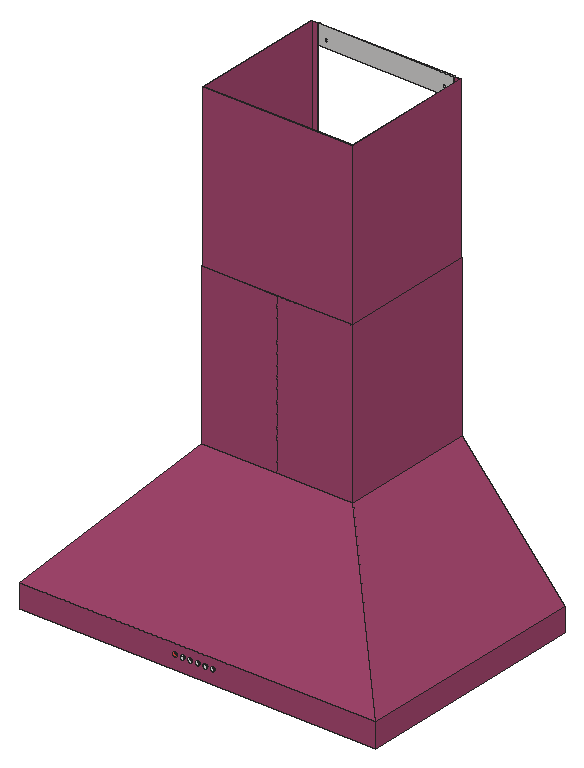
Revit family "FP_Revit_18_HC30PCR1_Rangehood_90001876A", category Specialty Equipment, Revit 2018
Family settings
  Round Connector Dimension = Use Diameter
  Part Type = Normal
  OmniClass Number = 23.40.40.00
  OmniClass Title = Food Service Equipment and Furnishings
  Work Plane-Based = No
  Always vertical = Yes
  Cut with Voids When Loaded = Yes
  Shared = No
  Room Calculation Point = No
Parameters (values of type "HC30PCR1")
  Visibility - Upper Chimney Extension [instance] = yes
  URL = "www.fisherpaykel.com"
  Product - Width = 755 mm  # constant formula
  Product - Height (636mm - 975mm) Ducted [instance] = 975 mm
  Product - Depth = 500 mm  # constant formula
  Model = "HC30PCR1"
  Material - COLOUR CHANGE = Fisher & Paykel - Red
  Material - Buttons and Dials = Fisher & Paykel - Steel, Chrome Plated
  Material - Body = Fisher & Paykel - Stainless Steel
  Manufacturer = "Fisher & Paykel Appliances"
  FFL Offset [instance] = 1565 mm
  Description = "30\" Rangehood"
  Connector Description - Extraction = "6” (152 mm) diameter, rigid or semi-rigid ducting, 600 CFM"
  Connector Description - Electrical = "120 V, 60 Hz"
  Chassis - Width = 320 mm  # constant formula
  Chassis - Height = 298 mm  # constant formula
  Chassis - Depth = 290 mm  # constant formula
Types (5, lengths in mm): name | Model | Material - COLOUR CHANGE
  (no name) | "HC30PCR1" | Fisher & Paykel - Red
  HC30PCB1 | "HC30PCB1" | Fisher & Paykel - Black
  HC30PCR1 | "HC30PCR1" | Fisher & Paykel - Red
  HC30PCX1 | "HC30PCX1" | Fisher & Paykel - Stainless Steel
  HC30PCW1 | "HC30PCW1" | Fisher & Paykel - White
Reference planes
  plane 1 "Datum": y = 0
  plane 2: z = 0
  plane 3 "Center (Left/Right)": x = 0
  plane 4 "Product - Height": z = 2540
  plane 5 "Product LHS": x = -377.5
  plane 6 "Product RHS": x = 377.5
  plane 7 "Product - Depth": y = -500
  plane 8 "Cavity LHS": x = -160
  plane 9 "Cavity RHS": x = 160
  plane 10 "Chassis - Depth": y = -290
  plane 11 "FFL Offset": z = 1565
  plane 12 "Chassis - Height": z = 1863
Forms (mm)
  Extrusion 1, solid, material "Fisher & Paykel - Red" <- "Material - COLOUR CHANGE"
    sketch origin (0, 0, 0) x (1, 0, 0) y (0, 1, 0)
      loop
        line (-145, 0) -> (-160, 0) -> (-160, -290) -> (0, -290) -> (160, -290) -> (160, 0) -> (145, 0) -> (145, -1) -> (159, -1) -> (159, -289) -> (-159, -289) -> (-159, -1) -> (-145, -1) -> (-145, 0)
    from 1863 to 2200
  Extrusion 2, solid, material "Fisher & Paykel - Red" <- "Material - COLOUR CHANGE", visible <- "Visibility - Upper Chimney Extension"
    sketch origin (0, 0, 0) x (1, 0, 0) y (0, 1, 0)
      loop
        line (-158, -2) -> (-145, -2) -> (-145, -1) -> (-159, -1) -> (-159, -289) -> (159, -289) -> (159, -1) -> (145, -1) -> (145, -2) -> (158, -2) -> (158, -288.044) -> (-158, -288.044) -> (-158, -2)
    from 2190 to 2540
  Extrusion 3, solid, material "Fisher & Paykel - Stainless Steel" <- "Material - Body"
    sketch origin (0, 0, 0) x (1, 0, 0) y (0, 1, 0)
      loop
        circle (0, -87.6) r 75
      loop
        circle (0, -87.6) r 74
    from 1850 to 1897.007
  Extrusion 4, solid, material "Fisher & Paykel - Stainless Steel" <- "Material - Body", visible <- "Visibility - Upper Chimney Extension"
    sketch origin (0, 0, 7) x (1, 0, 0) y (0, 0, 1)
      loop
        line (-145, 2491.596) -> (145, 2491.596) -> (145, 2533) -> (-145, 2533) -> (-145, 2491.596)
      loop
        circle (125, 2508) r 2.5
      loop
        circle (-125, 2508) r 2.5
    from 0 to 2
  Extrusion 5, solid, material "Fisher & Paykel - Steel, Chrome Plated" <- "Material - Buttons and Dials", detail levels fine
    sketch origin (0, 0, 565) x (1, 0, 0) y (0, 0, 1)
      loop
        circle (-32, 1029.1) r 3.958
      loop
        circle (-16, 1029.1) r 3.958
      loop
        circle (0, 1029.1) r 3.958
      loop
        circle (16, 1029.1) r 3.958
      loop
        circle (32, 1029.1) r 3.958
    from 501 to 500
  Extrusion 6, void
    sketch origin (0, 0, 0) x (1, 0, 0) y (0, 1, 0)
      loop
        line (-285.2, -479.9) -> (285.2, -479.9) -> (285.2, -89.9) -> (-285.2, -89.9) -> (-285.2, -479.9)
      loop
        circle (-207.5, -42) r 25
      loop
        circle (207.5, -42) r 25
    from 1565 to 1574
  Extrusion 7, solid, material "Fisher & Paykel - Stainless Steel" <- "Material - Body", detail levels fine
    sketch origin (0, 0, 0) x (1, 0, 0) y (0, 1, 0)
      loop
        line (0.5, -89.9) -> (0.5, -479.9) -> (285.2, -479.9) -> (285.2, -89.9) -> (0.5, -89.9)
      loop
        line (275.525, -469.9) -> (275.525, -99.9) -> (10.175, -99.9) -> (10.175, -469.9) -> (110.35, -469.9) -> (110.35, -409.9) -> (175.35, -409.9) -> (175.35, -469.9) -> (275.525, -469.9)
      loop
        line (127.25, -428.3) -> (127.25, -468.3) -> (158.45, -468.3) -> (158.45, -428.3) -> (127.25, -428.3)
      loop
        line (132.45, -433.5) -> (132.45, -463.1) -> (153.25, -463.1) -> (153.25, -433.5) -> (132.45, -433.5)
      loop
        line (132.65, -442.6) -> (132.65, -462.9) -> (153.05, -462.9) -> (153.05, -442.6) -> (132.65, -442.6)
      loop
        line (126.25, -427.3) -> (126.25, -469.3) -> (159.45, -469.3) -> (159.45, -427.3) -> (126.25, -427.3)
      loop
        line (-0.5, -89.9) -> (-285.2, -89.9) -> (-285.2, -479.9) -> (-0.5, -479.9) -> (-0.5, -89.9)
      loop
        line (-275.525, -469.9) -> (-175.35, -469.9) -> (-175.35, -409.9) -> (-110.35, -409.9) -> (-110.35, -469.9) -> (-10.175, -469.9) -> (-10.175, -99.9) -> (-275.525, -99.9) -> (-275.525, -469.9)
      loop
        line (-127.25, -428.3) -> (-158.45, -428.3) -> (-158.45, -468.3) -> (-127.25, -468.3) -> (-127.25, -428.3)
      loop
        line (-132.45, -433.5) -> (-153.25, -433.5) -> (-153.25, -463.1) -> (-132.45, -463.1) -> (-132.45, -433.5)
      loop
        line (-132.65, -442.6) -> (-153.05, -442.6) -> (-153.05, -462.9) -> (-132.65, -462.9) -> (-132.65, -442.6)
      loop
        line (-126.25, -427.3) -> (-159.45, -427.3) -> (-159.45, -469.3) -> (-126.25, -469.3) -> (-126.25, -427.3)
    from 1566 to 1574
  Extrusion 8, solid, material "Fisher & Paykel - Aluminium", detail levels medium+fine
    sketch origin (0, 0, 0) x (1, 0, 0) y (0, 1, 0)
      loop
        line (10.175, -99.9) -> (10.175, -469.9) -> (110.35, -469.9) -> (110.35, -409.9) -> (175.35, -409.9) -> (175.35, -469.9) -> (275.525, -469.9) -> (275.525, -99.9) -> (10.175, -99.9)
      loop
        line (-10.175, -99.9) -> (-275.525, -99.9) -> (-275.525, -469.9) -> (-175.35, -469.9) -> (-175.35, -409.9) -> (-110.35, -409.9) -> (-110.35, -469.9) -> (-10.175, -469.9) -> (-10.175, -99.9)
    from 1566 to 1574
  Extrusion 9, void
    sketch origin (0, 0, 0) x (1, 0, 0) y (0, 0, 1)
      loop
        line (-377.5, 1863) -> (-377.5, 1615) -> (-160, 1863) -> (-377.5, 1863)
      loop
        line (377.5, 1863) -> (160, 1863) -> (377.5, 1615) -> (377.5, 1863)
    from 0 to 500
  Extrusion 10, solid, material "Fisher & Paykel - Red" <- "Material - COLOUR CHANGE"
    sketch origin (0, 0, 0) x (0, 1, 0) y (0, 0, 1)
      loop
        line (-500, 1565) -> (0, 1565) -> (0, 1863) -> (-290, 1863) -> (-500, 1615) -> (-500, 1565)
    from -377.5 to 377.5
  Extrusion 11, solid, material "Fisher & Paykel - Stainless Steel" <- "Material - Body", detail levels medium+fine
    sketch origin (0, 0, 0) x (1, 0, 0) y (0, 1, 0)
      loop
        circle (90.933, -33) r 3
    from 1897.007 to 1850
  Extrusion 12, solid, material "Fisher & Paykel - Steel, Chrome Plated" <- "Material - Buttons and Dials", detail levels medium+fine
    sketch origin (0, 0, 0) x (1, 0, 0) y (0, 1, 0)
      loop
        circle (-207.5, -42) r 25
      loop
        circle (-207.5, -42) r 22
      loop
        circle (207.5, -42) r 25
      loop
        circle (207.5, -42) r 22
    from 1565 to 1574
  Extrusion 13, solid, material "Fisher & Paykel - White Bezel", detail levels fine
    sketch origin (0, 0, 0) x (1, 0, 0) y (0, 1, 0)
      loop
        circle (-207.5, -42) r 22
      loop
        circle (207.5, -42) r 22
    from 1565 to 1574
  Extrusion 14, void
    sketch origin (0, 0, 0) x (1, 0, 0) y (0, 0, 1)
      loop
        circle (254, 1612) r 2.5
      loop
        circle (125, 1859) r 2.5
      loop
        circle (-254, 1610) r 2.5
      loop
        circle (-125, 1859) r 2.5
    from 0 to 7
  Extrusion 15, solid, material "Fisher & Paykel - Stainless Steel" <- "Material - Body"
    sketch origin (0, 0, 0) x (1, 0, 0) y (0, 0, 1)
      loop
        line (-145, 2183) -> (-145, 2143) -> (145, 2143) -> (145, 2183) -> (-145, 2183)
      loop
        circle (125, 2161) r 2.5
      loop
        circle (-125, 2161) r 2.5
    from 0 to 2
  Extrusion 16, void
    sketch origin (0, 0, 0) x (1, 0, 0) y (0, 1, 0)
      loop
        line (-159, -289) -> (159, -289) -> (159, -2) -> (-159, -2) -> (-159, -289)
    from 1850 to 1863
  Extrusion 17, solid, material "Fisher & Paykel - Bezel Red", detail levels fine
    sketch origin (0, 0, 0) x (1, 0, 0) y (0, 0, 1)
      loop
        circle (-48, 1594.1) r 4.044
    from 500 to 501
Cuts and joins
  Extrusion 6, Extrusion 9, Extrusion 14, Extrusion 16 cuts Extrusion 10
  joined: Extrusion 1, Extrusion 10
  Extrusion 14 cuts Extrusion 4
  Extrusion 14 cuts Extrusion 15
Text (mm)
  text "Due to ongoing product development, product details are subject to change without notice. \nPlease always refer to www.fisherpaykel.com for the most current product information. \n© Fisher & Paykel 2020" at (41.04, -1225.549, 0), in view "Ref. Level (Plan)"
Dimensions and locks
  equal spacing: plane 5 "Product LHS", plane 3 "Center (Left/Right)", plane 6 "Product RHS"
  equal spacing: plane 8 "Cavity LHS", plane 3 "Center (Left/Right)", plane 9 "Cavity RHS"
  "Chassis - Width": plane 8 "Cavity LHS" to plane 9 "Cavity RHS"
  locked: Extrusion 1 sketch curve to Extrusion 1 sketch curve at 1  (x3)
  "FFL Offset": plane 11 "FFL Offset" to level
  "Product - Height (636mm - 975mm) Ducted": plane 4 "Product - Height" to plane 11 "FFL Offset"
  locked: Extrusion 8 to plane 11 "FFL Offset" at 9
  locked: Extrusion 7 to plane 11 "FFL Offset" at 1
  locked: Extrusion 1 to plane 11 "FFL Offset" at 635
  "Chassis - Depth": plane 10 "Chassis - Depth" to plane 1 "Datum"
  "Product - Width": plane 5 "Product LHS" to plane 6 "Product RHS"
  "Product - Depth": plane 1 "Datum" to plane 7 "Product - Depth"
  "Chassis - Height": plane 12 "Chassis - Height" to plane 11 "FFL Offset"
  locked: plane 11 "FFL Offset" to Extrusion 14 sketch curve at 294
  locked: plane 4 "Product - Height" to Extrusion 2 at 350
  locked: Extrusion 3 to plane 11 "FFL Offset" at 332.007
  locked: plane 11 "FFL Offset" to cut or joined group of Extrusion 1, Extrusion 6, Extrusion 9, Extrusion 10, Extrusion 14, Extrusion 16 at 285
  locked: plane 11 "FFL Offset" to cut or joined group of Extrusion 14, Extrusion 15 at 596
  locked: plane 11 "FFL Offset" to cut or joined group of Extrusion 14, Extrusion 15 at 618
  locked: plane 11 "FFL Offset" to cut or joined group of Extrusion 14, Extrusion 15 at 578
  cut or joined group of Extrusion 4, Extrusion 14 to plane 4 "Product - Height" = 41.404 mm
  locked: cut or joined group of Extrusion 4, Extrusion 14 to plane 4 "Product - Height" at 25
  locked: plane 11 "FFL Offset" to cut or joined group of Extrusion 1, Extrusion 6, Extrusion 9, Extrusion 10, Extrusion 14, Extrusion 16 at 294
  locked: plane 11 "FFL Offset" to Extrusion 14 sketch curve at 47
  locked: plane 11 "FFL Offset" to cut or joined group of Extrusion 1, Extrusion 6, Extrusion 9, Extrusion 10, Extrusion 14, Extrusion 16 at 47
  locked: Extrusion 7 sketch curve to plane 3 "Center (Left/Right)" at 285.2
  locked: plane 3 "Center (Left/Right)" to Extrusion 7 sketch curve at 285.2
  aligned and locked: level to plane 2
  aligned and locked: Extrusion 1 sketch curve to plane 8 "Cavity LHS"
  aligned and locked: plane 9 "Cavity RHS" to Extrusion 1 sketch curve
  aligned and locked: plane 10 "Chassis - Depth" to Extrusion 1 sketch curve
  aligned and locked: plane 4 "Product - Height" to Extrusion 2
  aligned and locked: Extrusion 10 to plane 6 "Product RHS"
  aligned and locked: plane 5 "Product LHS" to Extrusion 10
  aligned and locked: Extrusion 7 to Extrusion 8  (x2)
  aligned and locked: Extrusion 6 to Extrusion 7
  aligned and locked: cut or joined group of Extrusion 1, Extrusion 6, Extrusion 9, Extrusion 10, Extrusion 14, Extrusion 16 to plane 11 "FFL Offset"
  aligned and locked: Extrusion 12 to Extrusion 7
  aligned and locked: Extrusion 13 to Extrusion 7
  aligned and locked: Extrusion 13 to plane 11 "FFL Offset"
  aligned and locked: Extrusion 12 to plane 11 "FFL Offset"
  aligned and locked: plane 4 "Product - Height" to Extrusion 4
  aligned and locked: Extrusion 1 to plane 12 "Chassis - Height"
  aligned and locked: plane 7 "Product - Depth" to Extrusion 5
  aligned and locked: plane 7 "Product - Depth" to Extrusion 17
  aligned and locked: Extrusion 16 to Extrusion 1
  aligned and locked: cut or joined group of Extrusion 1, Extrusion 6, Extrusion 9, Extrusion 10, Extrusion 14, Extrusion 16 to Extrusion 3
  aligned and locked: Extrusion 3 to Extrusion 11
  aligned and locked: cut or joined group of Extrusion 1, Extrusion 6, Extrusion 9, Extrusion 10, Extrusion 14, Extrusion 16 to Extrusion 11
  aligned and locked: cut or joined group of Extrusion 4, Extrusion 14 to Extrusion 2
  aligned and locked: cut or joined group of Extrusion 14, Extrusion 15 to Extrusion 2
  aligned and locked: Extrusion 8 sketch curve to Extrusion 7  (x2)
Automatic sketch dimensions
  Extrusion 2 sketch curve to plane 8 "Cavity LHS" = 1 mm
  Extrusion 2 sketch curve to Extrusion 2 sketch curve = 1 mm
  plane 1 "Datum" to Extrusion 2 sketch curve = 2 mm  (x2)
  Extrusion 2 sketch curve to Extrusion 2 sketch curve = 13 mm
  plane 9 "Cavity RHS" to Extrusion 2 sketch curve = 15 mm
  plane 9 "Cavity RHS" to Extrusion 2 sketch curve = 2 mm
  plane 9 "Cavity RHS" to Extrusion 2 sketch curve = 1 mm
  plane 10 "Chassis - Depth" to Extrusion 2 sketch curve = 1.956 mm
  plane 10 "Chassis - Depth" to Extrusion 2 sketch curve = 1 mm
  plane 1 "Datum" to Extrusion 2 sketch curve = 1 mm  (x2)
  Extrusion 4 sketch curve to plane 4 "Product - Height" = 0 mm
  Extrusion 4 sketch curve to plane 8 "Cavity LHS" = 15 mm
  Extrusion 4 sketch curve to plane 8 "Cavity LHS" = 35 mm
  plane 9 "Cavity RHS" to Extrusion 4 sketch curve = 35 mm
  plane 9 "Cavity RHS" to Extrusion 4 sketch curve = 15 mm
  Extrusion 4 sketch curve to plane 4 "Product - Height" = 25 mm  (x2)
  Extrusion 4 sketch curve to Extrusion 4 sketch curve = 16.404 mm
  Extrusion 6 sketch curve to plane 5 "Product LHS" = 92.3 mm
  plane 8 "Cavity LHS" to Extrusion 6 sketch curve = 47.5 mm
  plane 6 "Product RHS" to Extrusion 6 sketch curve = 92.3 mm
  plane 7 "Product - Depth" to Extrusion 6 sketch curve = 20.1 mm
  plane 1 "Datum" to Extrusion 6 sketch curve = 89.9 mm
  plane 1 "Datum" to Extrusion 6 sketch curve = 42 mm  (x2)
  plane 9 "Cavity RHS" to Extrusion 11 sketch curve = 69.067 mm
  plane 10 "Chassis - Depth" to Extrusion 11 sketch curve = 257 mm
  Extrusion 12 sketch curve to Extrusion 12 sketch curve = 0 mm  (x4)
  plane 8 "Cavity LHS" to Extrusion 12 sketch curve = 47.5 mm
  Extrusion 12 sketch curve to plane 9 "Cavity RHS" = 47.5 mm
  plane 1 "Datum" to Extrusion 12 sketch curve = 42 mm  (x2)
  plane 8 "Cavity LHS" to Extrusion 13 sketch curve = 47.5 mm
  Extrusion 13 sketch curve to plane 9 "Cavity RHS" = 47.5 mm
  plane 1 "Datum" to Extrusion 13 sketch curve = 42 mm  (x2)
  plane 11 "FFL Offset" to Extrusion 14 sketch curve = 45 mm
  plane 8 "Cavity LHS" to Extrusion 14 sketch curve = 94 mm
  Extrusion 14 sketch curve to plane 12 "Chassis - Height" = 4 mm
  Extrusion 14 sketch curve to plane 8 "Cavity LHS" = 35 mm
  plane 9 "Cavity RHS" to Extrusion 14 sketch curve = 35 mm
  Extrusion 14 sketch curve to plane 9 "Cavity RHS" = 94 mm
  Extrusion 15 sketch curve to plane 8 "Cavity LHS" = 15 mm
  Extrusion 15 sketch curve to plane 8 "Cavity LHS" = 35 mm
  plane 9 "Cavity RHS" to Extrusion 15 sketch curve = 35 mm
  plane 9 "Cavity RHS" to Extrusion 15 sketch curve = 15 mm
  plane 12 "Chassis - Height" to Extrusion 15 sketch curve = 280 mm
  Extrusion 15 sketch curve to Extrusion 15 sketch curve = 18 mm  (x2)
  Extrusion 15 sketch curve to Extrusion 15 sketch curve = 22 mm
  plane 1 "Datum" to Extrusion 1 sketch curve = 0 mm  (x2)
  Extrusion 1 sketch curve to plane 3 "Center (Left/Right)" = 0 mm
  plane 1 "Datum" to Extrusion 1 sketch curve = 1 mm  (x2)
  Extrusion 1 sketch curve to Extrusion 1 sketch curve = 14 mm  (x2)
  Extrusion 10 sketch curve to plane 7 "Product - Depth" = 0 mm
  Extrusion 10 sketch curve to plane 12 "Chassis - Height" = 0 mm
  Extrusion 10 sketch curve to plane 10 "Chassis - Depth" = 0 mm
  Extrusion 10 sketch curve to plane 1 "Datum" = 0 mm
  Extrusion 10 sketch curve to plane 11 "FFL Offset" = 0 mm
  Extrusion 10 sketch curve to Extrusion 10 sketch curve = 50 mm
  plane 5 "Product LHS" to Extrusion 9 sketch curve = 0 mm
  plane 8 "Cavity LHS" to Extrusion 9 sketch curve = 0 mm
  plane 9 "Cavity RHS" to Extrusion 9 sketch curve = 0 mm
  plane 6 "Product RHS" to Extrusion 9 sketch curve = 0 mm
  Extrusion 9 sketch curve to plane 12 "Chassis - Height" = 0 mm  (x2)
  plane 11 "FFL Offset" to Extrusion 9 sketch curve = 50 mm  (x2)
  Extrusion 5 sketch curve to plane 3 "Center (Left/Right)" = 0 mm
  Extrusion 5 sketch curve to plane 3 "Center (Left/Right)" = 16 mm
  Extrusion 5 sketch curve to Extrusion 5 sketch curve = 16 mm  (x3)
  plane 11 "FFL Offset" to Extrusion 5 sketch curve = 29.1 mm
  Extrusion 5 sketch curve to Extrusion 5 sketch curve = 0 mm  (x4)
  Extrusion 17 sketch curve to plane 3 "Center (Left/Right)" = 48 mm
  plane 11 "FFL Offset" to Extrusion 17 sketch curve = 29.1 mm
  Extrusion 3 sketch curve to Extrusion 3 sketch curve = 0 mm  (x2)
  plane 1 "Datum" to Extrusion 3 sketch curve = 87.6 mm
  plane 6 "Product RHS" to Extrusion 3 sketch curve = 377.5 mm
  plane 1 "Datum" to Extrusion 16 sketch curve = 2 mm
  Extrusion 16 sketch curve to plane 8 "Cavity LHS" = 1 mm
  plane 9 "Cavity RHS" to Extrusion 16 sketch curve = 1 mm
  plane 10 "Chassis - Depth" to Extrusion 16 sketch curve = 1 mm
  plane 7 "Product - Depth" to Extrusion 7 sketch curve = 20.1 mm
  Extrusion 7 sketch curve to Extrusion 7 sketch curve = 9.675 mm  (x2)
  plane 8 "Cavity LHS" to Extrusion 7 sketch curve = 15.35 mm
  Extrusion 7 sketch curve to plane 8 "Cavity LHS" = 0.55 mm
  Extrusion 7 sketch curve to Extrusion 7 sketch curve = 1 mm  (x7)
  Extrusion 7 sketch curve to plane 8 "Cavity LHS" = 6.75 mm
  Extrusion 7 sketch curve to plane 8 "Cavity LHS" = 6.95 mm
  Extrusion 7 sketch curve to Extrusion 7 sketch curve = 20.4 mm
  Extrusion 7 sketch curve to Extrusion 7 sketch curve = 0.2 mm  (x4)
  Extrusion 7 sketch curve to Extrusion 7 sketch curve = 5.2 mm  (x6)
  Extrusion 7 sketch curve to Extrusion 7 sketch curve = 15.9 mm  (x2)
  Extrusion 7 sketch curve to plane 3 "Center (Left/Right)" = 10.175 mm
  Extrusion 7 sketch curve to plane 3 "Center (Left/Right)" = 0.5 mm
  plane 3 "Center (Left/Right)" to Extrusion 7 sketch curve = 0.5 mm
  plane 3 "Center (Left/Right)" to Extrusion 7 sketch curve = 10.175 mm
  plane 9 "Cavity RHS" to Extrusion 7 sketch curve = 49.65 mm
  plane 9 "Cavity RHS" to Extrusion 7 sketch curve = 6.95 mm
  plane 9 "Cavity RHS" to Extrusion 7 sketch curve = 6.75 mm
  plane 9 "Cavity RHS" to Extrusion 7 sketch curve = 1.55 mm
  plane 9 "Cavity RHS" to Extrusion 7 sketch curve = 0.55 mm
  Extrusion 7 sketch curve to plane 9 "Cavity RHS" = 15.35 mm
  Extrusion 7 sketch curve to Extrusion 7 sketch curve = 0 mm
  Extrusion 7 sketch curve to Extrusion 7 sketch curve = 10 mm  (x6)
  Extrusion 7 sketch curve to Extrusion 7 sketch curve = 0.6 mm  (x2)
  Extrusion 7 sketch curve to Extrusion 7 sketch curve = 20.3 mm  (x2)
  Extrusion 7 sketch curve to Extrusion 7 sketch curve = 9.1 mm  (x2)
  Extrusion 7 sketch curve to Extrusion 7 sketch curve = 17.4 mm  (x2)
  plane 1 "Datum" to Extrusion 7 sketch curve = 99.9 mm  (x2)
  plane 8 "Cavity LHS" to Extrusion 8 sketch curve = 15.35 mm
  Extrusion 8 sketch curve to plane 8 "Cavity LHS" = 49.65 mm
  Extrusion 8 sketch curve to plane 3 "Center (Left/Right)" = 10.175 mm
  plane 3 "Center (Left/Right)" to Extrusion 8 sketch curve = 10.175 mm
  plane 9 "Cavity RHS" to Extrusion 8 sketch curve = 49.65 mm
  Extrusion 8 sketch curve to plane 9 "Cavity RHS" = 15.35 mm
  plane 7 "Product - Depth" to Extrusion 8 sketch curve = 30.1 mm  (x4)
  Extrusion 8 sketch curve to Extrusion 8 sketch curve = 60 mm  (x2)
  plane 1 "Datum" to Extrusion 8 sketch curve = 99.9 mm
  Extrusion 8 sketch curve to Extrusion 8 sketch curve = 0 mm
  Extrusion 6 sketch curve to plane 9 "Cavity RHS" = 47.5 mm
  radius of Extrusion 4 sketch curve = 2.5 mm  (x2)
  radius of Extrusion 6 sketch curve = 25 mm  (x2)
  radius of Extrusion 11 sketch curve = 3 mm
  radius of Extrusion 12 sketch curve = 25 mm  (x2)
  radius of Extrusion 12 sketch curve = 22 mm  (x2)
  radius of Extrusion 13 sketch curve = 22 mm  (x2)
  radius of Extrusion 14 sketch curve = 2.5 mm  (x4)
  radius of Extrusion 15 sketch curve = 2.5 mm  (x2)
  radius of Extrusion 5 sketch curve = 3.958 mm  (x5)
  radius of Extrusion 17 sketch curve = 4.044 mm
  radius of Extrusion 3 sketch curve = 75 mm
  radius of Extrusion 3 sketch curve = 74 mm
Connectors
  hvac at (0, -87.6, 1897.007), driven by "Connector Description - Extraction"
    settings: on Extrusion 3, index 1, duct flow 0.0 L/s, flow factor 0, pres drop 0.0 Pa, loss coef 0, conn angle 0.00°, conn width 304.8 mm, conn height 304.8 mm, conn diameter 150 mm, duct sys type 4, conn prof type 0, flow config 0, flow direction 2, loss method 0, conn ref index -1, conn util no, is conn primary yes, conn desc "6” (152 mm) diameter, rigid or semi-rigid ducting, 600 CFM"
  electrical at (90.933, -33, 1850), driven by "Connector Description - Electrical"
    settings: on Extrusion 11, index 2, voltage 120 V, apparent load 0 VA, apparent load phase1 0 VA, apparent load phase2 0 VA, apparent load phase3 0 VA, power factor 1, load classification "Other", number of poles 1, system type 30, power factor state 1, is connector primary yes, connector utility no, sub classification motor no, connector description "120 V, 60 Hz"
